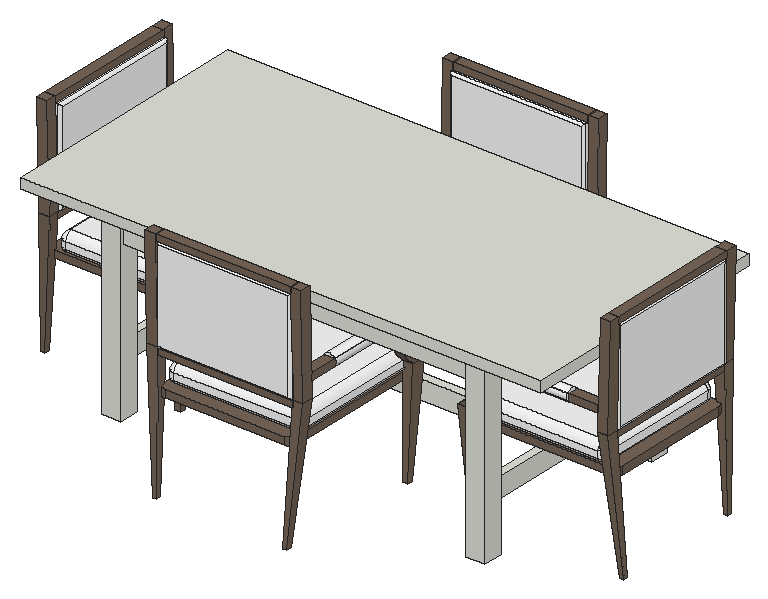
Revit family
Parameters (values of type "Table w 6 Seats")
  Description = "주방가구"
  Cost = 1200000
  Width = 1000 mm
  Vis - End Chairs = yes
  Table Top Thickness = 40 mm
  Table Height = 750 mm
  Material Table = 식탁대리석상판
  Material Chair Structure = Wood - Mahogany
  Material Chair Covering = Wood - Mahogany
  Length = 2000 mm
  Leg Width = 75 mm
  Leg Spacing Width = 800 mm
  Leg Spacing Length = 1400 mm
  Keynote = "N"
  Chair Side Spacing = Leg Spacing Length / 2  # 700 mm
  Centre Piece = Length / 4  # 500 mm
  Assembly Code = ""
Types (2, lengths in mm): name | Description | Cost | Vis - End Chairs | Material Table | Material Chair Structure | Material Chair Covering
  Table w 4 Seats | "" | 0 | no | Wood - Birch | Wood - Birch | Fabric - Beige
  Table w 6 Seats | "주방가구" | 1200000 | yes | 식탁대리석상판 | Wood - Mahogany | Wood - Mahogany
Reference planes
  plane 1 "Center (Front/Back)": y = 44.355
  plane 2: z = 0
  plane 3 "Center (Left/Right)": x = 118.179
  plane 4: z = 750
  plane 5: x = -881.821
  plane 6: x = 1118.179
  plane 7: y = 544.355
  plane 8: y = -455.645
  plane 9: x = -581.821
  plane 10: x = 818.179
  plane 11: y = 444.355
  plane 12: y = -355.645
  plane 13: z = 750
  plane 14: z = 250
  plane 15: x = -131.821
  plane 16: x = 368.179
  plane 17: x = -231.821
  plane 18: x = 468.179
Forms (mm)
  Extrusion 1, solid, material "식탁대리석상판" <- "Material Table"
    sketch origin (-625.421, 0, 750) x (-1, 0, 0) y (0, -1, 0)
      loop
        line (256.4, 455.645) -> (-1743.6, 455.645) -> (-1743.6, -544.355) -> (256.4, -544.355) -> (256.4, 455.645)
    from 0 to -40
  Extrusion 2, solid, material "식탁대리석상판" <- "Material Table"
    sketch origin (0, 0, 0) x (1, 0, 0) y (0, 1, 0)
      loop
        line (-619.321, -393.145) -> (-544.321, -393.145) -> (-544.321, -318.145) -> (-619.321, -318.145) -> (-619.321, -393.145)
      loop
        line (855.679, 481.855) -> (780.679, 481.855) -> (780.679, 406.855) -> (855.679, 406.855) -> (855.679, 481.855)
      loop
        line (855.679, -318.145) -> (780.679, -318.145) -> (780.679, -393.145) -> (855.679, -393.145) -> (855.679, -318.145)
      loop
        line (-619.321, 481.855) -> (-619.321, 406.855) -> (-544.321, 406.855) -> (-544.321, 481.855) -> (-619.321, 481.855)
    from 0 to 710
  Extrusion 3, solid, material "식탁대리석상판" <- "Material Table"
    sketch origin (0, 0, 0) x (1, 0, 0) y (0, 1, 0)
      loop
        line (-596.821, -318.145) -> (-566.821, -318.145) -> (-566.821, 29.355) -> (803.179, 29.355) -> (803.179, -318.145) -> (833.179, -318.145) -> (833.179, 406.855) -> (803.179, 406.855) -> (803.179, 59.355) -> (-566.821, 59.355) -> (-566.821, 406.855) -> (-596.821, 406.855) -> (-596.821, -318.145)
    from 250 to 175
  Extrusion 4, solid, material "식탁대리석상판" <- "Material Table"
    sketch origin (0, 0, 0) x (1, 0, 0) y (0, 1, 0)
      loop
        line (780.679, 474.355) -> (-544.321, 474.355) -> (-544.321, 454.355) -> (780.679, 454.355) -> (780.679, 474.355)
      loop
        line (-611.821, 406.855) -> (-611.821, -318.145) -> (-591.821, -318.145) -> (-591.821, 406.855) -> (-611.821, 406.855)
      loop
        line (-544.321, -385.645) -> (780.679, -385.645) -> (780.679, -365.645) -> (-544.321, -365.645) -> (-544.321, -385.645)
      loop
        line (848.179, -318.145) -> (848.179, 406.855) -> (828.179, 406.855) -> (828.179, -318.145) -> (848.179, -318.145)
    from 610 to 710
Dimensions and locks
  equal spacing: plane 7, plane 1 "Center (Front/Back)", plane 8
  "Width": plane 7 to plane 8
  equal spacing: plane 5, plane 3 "Center (Left/Right)", plane 6
  "Length": plane 5 to plane 6
  equal spacing: plane 11, plane 1 "Center (Front/Back)", plane 12
  "Leg Spacing Width": plane 11 to plane 12
  equal spacing: plane 9, plane 3 "Center (Left/Right)", plane 10
  "Leg Spacing Length": plane 9 to plane 10
  "Table Height": plane 13 to plane 2
  equal spacing: Extrusion 2 sketch curve, plane 9, Extrusion 2 sketch curve
  equal spacing: Extrusion 2 sketch curve, plane 12, Extrusion 2 sketch curve
  "Leg Width": Extrusion 2 sketch curve to Extrusion 2 sketch curve  (x4)
  equal spacing: Extrusion 2 sketch curve, plane 10, Extrusion 2 sketch curve
  equal spacing: Extrusion 2 sketch curve, plane 11, Extrusion 2 sketch curve
  equal spacing: Extrusion 3 sketch curve, plane 9, Extrusion 3 sketch curve
  Extrusion 3 sketch curve to Extrusion 3 sketch curve = 30 mm  (x3)
  equal spacing: Extrusion 3 sketch curve, plane 1 "Center (Front/Back)", Extrusion 3 sketch curve
  equal spacing: Extrusion 3 sketch curve, plane 10, Extrusion 3 sketch curve
  equal spacing: plane 15, plane 3 "Center (Left/Right)", plane 16
  "Centre Piece": plane 15 to plane 16
  equal spacing: plane 17, plane 3 "Center (Left/Right)", plane 18
  "Chair Side Spacing": plane 17 to plane 18
  aligned and locked: plane 13 to plane 4
  aligned and locked: Extrusion 2 sketch curve to Extrusion 2 sketch curve  (x8)
  aligned and locked: Extrusion 2 to Extrusion 1
  aligned and locked: Extrusion 3 sketch curve to Extrusion 3 sketch curve  (x2)
  aligned and locked: plane 14 to Extrusion 3
  aligned and locked: Extrusion 2 to Extrusion 4 sketch curve  (x8)
  aligned and locked: Extrusion 4 to Extrusion 1
  aligned: plane 3 "Center (Left/Right)" to nested 2
  aligned: plane 11 to nested 2
Automatic sketch dimensions
  Extrusion 1 sketch curve to plane 6 = 0 mm
  Extrusion 1 sketch curve to plane 5 = 0 mm
  Extrusion 1 sketch curve to plane 7 = 0 mm
  Extrusion 1 sketch curve to plane 8 = 0 mm
  plane 12 to Extrusion 3 sketch curve = 37.5 mm  (x2)
  Extrusion 3 sketch curve to plane 11 = 37.5 mm  (x2)
  Extrusion 4 sketch curve to Extrusion 4 sketch curve = 20 mm  (x4)
  plane 10 to Extrusion 4 sketch curve = 10 mm
  Extrusion 4 sketch curve to plane 12 = 10 mm
  Extrusion 4 sketch curve to plane 9 = 10 mm
  plane 11 to Extrusion 4 sketch curve = 10 mm
Nested families
  nested 1: "의자 2" at (-691.025, 52.651, 0) x (0, 1, 0) z (0, 0, 1), type "600x590x910mm"
  nested 2: "의자 2" at (118.179, 444.355, 0) x (-1, 0, 0) z (0, 0, 1), type "600x590x910mm"
  nested 3: "의자 2" at (78.179, -385.645, 0) x (-1, 0, 0) z (0, 0, 1), type "600x590x910mm"
  nested 4: "의자 2" at (927.383, 52.651, 0) x (0, 1, 0) z (0, 0, 1), type "600x590x910mm"
Definition of nested family "의자 2"
  Parameters (values of type "600x590x910mm")
    Manufacturer = ""
    Model = ""
    지지 재료 = 목재 - 티크, 폭, 약함
    다리 재료 = 목재 - 티크, 길이, 약함
    손잡이 재료 = 목재 - 티크, 길이, 약함
    프레임 재료 = 목재 - 티크, 폭, 약함
    쿠션 재료 = 직물(60)
  Reference planes
    plane 1 "중심(앞/뒤)": y = 0
    plane 2: z = 0
    plane 3 "중심(왼쪽/오른쪽)": x = 0
    plane 4: y = 295
    plane 5: x = -300
    plane 6: x = 300
    plane 7: y = -295
    plane 8: z = 900
    plane 9: z = 440
    plane 10: z = 370
    plane 11: z = 340
    plane 12: z = 875
    plane 13: z = 480
    plane 14: z = 505
    plane 15: x = -260
    plane 16: x = 260
    plane 17: y = 235
    plane 18: y = 285
    plane 19: y = 245
    plane 20: z = 570
    plane 21: z = 595
  Forms (mm)
    Extrusion 1, solid, material "직물(60)" <- "쿠션 재료"
      sketch origin (0, 0, 0) x (1, 0, 0) y (0, 1, 0)
        loop
          arc (-230, 245) -> (-251.213, 236.213) -> (-260, 215) r 30
          line (-260, 215) -> (-260, -265)
          arc (-260, -265) -> (-251.213, -286.213) -> (-230, -295) r 30
          line (-230, -295) -> (230, -295)
          arc (230, -295) -> (251.213, -286.213) -> (260, -265) r 30
          line (260, -265) -> (260, 215)
          arc (260, 215) -> (251.213, 236.213) -> (230, 245) r 30
          line (230, 245) -> (-230, 245)
      from 370 to 440
    Extrusion 2, solid, material "목재 - 티크, 길이, 약함" <- "다리 재료"
      sketch origin (0, 0, 0) x (0, 1, 0) y (0, 0, -1)
        loop
          line (295, -900) -> (285, -505) -> (245, -505) -> (255, -900) -> (295, -900)
      from 260 to 300
    Blend 3, solid, material "목재 - 티크, 길이, 약함" <- "다리 재료"
      base sketch origin (0, 0, 0) x (1, 0, 0) y (0, 1, 0)
        loop
          line (-258.544, 311.592) -> (-258.544, 295) -> (-242.941, 295) -> (-242.941, 311.592) -> (-258.544, 311.592)
      top sketch origin (0, 0, 0) x (1, 0, 0) y (0, 1, 0)
        loop
          line (-300, 285) -> (-300, 245) -> (-260, 245) -> (-260, 285) -> (-300, 285)
      from 0 to 505
    Extrusion 4, solid, material "목재 - 티크, 폭, 약함" <- "프레임 재료"
      sketch origin (0, 0, 0) x (1, 0, 0) y (0, 0, 1)
        loop
          line (-260, 505) -> (-260, 480) -> (260, 480) -> (260, 505) -> (-260, 505)
      from -285 to -245
    Extrusion 5, solid, material "목재 - 티크, 폭, 약함" <- "프레임 재료"
      sketch origin (0, 0, 395) x (1, 0, 0) y (0, 0, 1)
        loop
          line (-260, 505) -> (-260, 480) -> (260, 480) -> (260, 505) -> (-260, 505)
      from -295 to -254.401
    Extrusion 6, solid, material "목재 - 티크, 길이, 약함" <- "손잡이 재료"
      sketch origin (0, 0, 0) x (0, 1, 0) y (0, 0, 1)
        loop
          line (245, 595) -> (-295, 595) -> (-295, 570) -> (245, 570) -> (245, 595)
      from 260 to 300
    Extrusion 7, solid, material "목재 - 티크, 길이, 약함" <- "손잡이 재료"
      sketch origin (0, 0, 0) x (0, 1, 0) y (0, 0, -1)
        loop
          line (245, -595) -> (245, -570) -> (-295, -570) -> (-295, -595) -> (245, -595)
      from 260 to 300
    Extrusion 8, solid, material "직물(60)" <- "쿠션 재료"
      sketch origin (0, 0, 0) x (1, 0, 0) y (0, 0, 1)
        loop
          line (-300, 595) -> (-300, 570) -> (-260, 570) -> (-260, 595) -> (-300, 595)
        loop
          arc (-300.981, 595.875) -> (-305.077, 582.528) -> (-300.981, 569.182) r 23.793
          arc (-300.981, 569.182) -> (-279.939, 560.243) -> (-258.897, 569.182) r 29.236
          arc (-258.897, 569.182) -> (-254.82, 582.528) -> (-258.897, 595.875) r 23.887
          arc (-258.897, 595.875) -> (-279.939, 605.711) -> (-300.981, 595.875) r 27.425
      from -129.909 to 165.708
    Extrusion 9, solid, material "직물(60)" <- "쿠션 재료"
      sketch origin (0, 0, 0) x (-1, 0, 0) y (0, 0, -1)
        loop
          line (-300, -595) -> (-260, -595) -> (-260, -570) -> (-300, -570) -> (-300, -595)
        loop
          arc (-300.981, -595.875) -> (-279.939, -605.711) -> (-258.897, -595.875) r 27.425
          arc (-258.897, -595.875) -> (-254.82, -582.528) -> (-258.897, -569.182) r 23.887
          arc (-258.897, -569.182) -> (-279.939, -560.243) -> (-300.981, -569.182) r 29.236
          arc (-300.981, -569.182) -> (-305.077, -582.528) -> (-300.981, -595.875) r 23.793
      from -129.909 to 165.708
    Extrusion 10, solid, material "직물(60)" <- "쿠션 재료"
      sketch origin (0, 0, 0) x (1, 0, 0) y (0, 0, 1)
        loop
          line (-260, 875) -> (-260, 505) -> (260, 505) -> (260, 875) -> (-260, 875)
      from -295 to -235
    Sweep 11, void
      path origin (0, 0, 0) x (1, 0, 0) y (0, 0, 1)
        loop
          line (260, 875) -> (-260, 875) -> (-260, 505) -> (260, 505) -> (260, 875)
      profile origin (0, 0, 0) x (0, 0, -1) y (0, -1, 0)
        loop
          line (-875, -235) -> (-875, -244.697)
          arc (-875, -244.697) -> (-871.042, -238.958) -> (-865.303, -235) r 19.304
          line (-865.303, -235) -> (-875, -235)
        loop
          line (-875, -295) -> (-865.303, -295)
          arc (-865.303, -295) -> (-871.042, -291.042) -> (-875, -285.303) r 19.304
          line (-875, -285.303) -> (-875, -295)
    Blend 12, solid, material "목재 - 티크, 길이, 약함" <- "다리 재료"
      base sketch origin (0, 0, 0) x (-1, 0, 0) y (0, -1, 0)
        loop
          line (-258.544, -311.592) -> (-242.941, -311.592) -> (-242.941, -295) -> (-258.544, -295) -> (-258.544, -311.592)
      top sketch origin (0, 0, 0) x (-1, 0, 0) y (0, -1, 0)
        loop
          line (-300, -285) -> (-260, -285) -> (-260, -245) -> (-300, -245) -> (-300, -285)
      from 0 to 505
    Sweep 13, void
      path origin (0, 0, 0) x (1, 0, 0) y (0, 1, 0)
        loop
          line (-230, -295) -> (230, -295)
          arc (230, -295) -> (251.213, -286.213) -> (260, -265) r 30
          line (260, -265) -> (260, 215)
          arc (260, 215) -> (251.213, 236.213) -> (230, 245) r 30
          line (230, 245) -> (-230, 245)
          arc (-230, 245) -> (-251.213, 236.213) -> (-260, 215) r 30
          line (-260, 215) -> (-260, -265)
          arc (-260, -265) -> (-251.213, -286.213) -> (-230, -295) r 30
      profile origin (0, 0, 0) x (0, 1, 0) y (0, 0, 1)
        loop
          arc (-295.343, 410.343) -> (-283.542, 428.542) -> (-265.343, 440.343) r 51.992
          line (-265.343, 440.343) -> (-295.343, 440.343) -> (-295.343, 410.343)
    Sweep 14, void
      path origin (0, 0, 0) x (1, 0, 0) y (0, 1, 0)
        loop
          line (-230, -295) -> (230, -295)
          arc (230, -295) -> (251.213, -286.213) -> (260, -265) r 30
          line (260, -265) -> (260, 215)
          arc (260, 215) -> (251.213, 236.213) -> (230, 245) r 30
          line (230, 245) -> (-230, 245)
          arc (-230, 245) -> (-251.213, 236.213) -> (-260, 215) r 30
          line (-260, 215) -> (-260, -265)
          arc (-260, -265) -> (-251.213, -286.213) -> (-230, -295) r 30
      profile origin (0, 0, 0) x (0, 1, 0) y (0, 0, 1)
        loop
          line (-295, 381.292) -> (-295, 370) -> (-283.708, 370)
          arc (-283.708, 370) -> (-290.292, 374.708) -> (-295, 381.292) r 24.693
    Extrusion 15, solid, material "목재 - 티크, 폭, 약함" <- "지지 재료"
      sketch origin (0, 0, 740) x (0, -1, 0) y (1, 0, 0)
        loop
          arc (-285, -230) -> (-276.213, -251.213) -> (-255, -260) r 30
          line (-255, -260) -> (265, -260)
          arc (265, -260) -> (286.213, -251.213) -> (295, -230) r 30
          line (295, -230) -> (295, 230)
          arc (295, 230) -> (286.213, 251.213) -> (265, 260) r 30
          line (265, 260) -> (-255, 260)
          arc (-255, 260) -> (-276.213, 251.213) -> (-285, 230) r 30
          line (-285, 230) -> (-285, -230)
      from -400 to -370
    Extrusion 16, solid, material "목재 - 티크, 길이, 약함" <- "다리 재료"
      sketch origin (0, 0, 0) x (0, 1, 0) y (0, 0, -1)
        loop
          arc (-165.708, -569.182) -> (-189.453, -482.992) -> (-242.753, -411.217) r 243.054
          line (-242.753, -411.217) -> (-295, -411.217)
          arc (-295, -411.217) -> (-221.41, -477.706) -> (-183.089, -569.182) r 227.571
          line (-183.089, -569.182) -> (-165.708, -569.182)
      from 260 to 300
    Extrusion 17, solid, material "목재 - 티크, 길이, 약함" <- "다리 재료"
      sketch origin (0, 0, 0) x (0, 1, 0) y (0, 0, 1)
        loop
          line (-165.708, 569.182) -> (-183.089, 569.182)
          arc (-183.089, 569.182) -> (-221.41, 477.706) -> (-295, 411.217) r 227.571
          line (-295, 411.217) -> (-242.753, 411.217)
          arc (-242.753, 411.217) -> (-189.453, 482.992) -> (-165.708, 569.182) r 243.054
      from 260 to 300
    Blend 18, solid, material "목재 - 티크, 길이, 약함" <- "다리 재료"
      base sketch origin (0, 0, 0) x (1, 0, 0) y (0, 1, 0)
        loop
          line (-290.286, -230.318) -> (-290.286, -250.318) -> (-270.286, -250.318) -> (-270.286, -230.318) -> (-290.286, -230.318)
      top sketch origin (0, 0, 0) x (1, 0, 0) y (0, 1, 0)
        loop
          line (-300, -242.753) -> (-300, -295) -> (-260, -295) -> (-260, -242.753) -> (-300, -242.753)
      from 0 to 411.217
    Blend 19, solid, material "목재 - 티크, 길이, 약함" <- "다리 재료"
      base sketch origin (0, 0, 0) x (-1, 0, 0) y (0, -1, 0)
        loop
          line (-290.286, 230.318) -> (-270.286, 230.318) -> (-270.286, 250.318) -> (-290.286, 250.318) -> (-290.286, 230.318)
      top sketch origin (0, 0, 0) x (-1, 0, 0) y (0, -1, 0)
        loop
          line (-300, 242.753) -> (-260, 242.753) -> (-260, 295) -> (-300, 295) -> (-300, 242.753)
      from 0 to 411.217
    Extrusion 20, solid, material "목재 - 티크, 길이, 약함" <- "다리 재료"
      sketch origin (0, 0, 0) x (0, 1, 0) y (0, 0, 1)
        loop
          line (295, 900) -> (255, 900) -> (245, 505) -> (285, 505) -> (295, 900)
      from 260 to 300
  Cuts and joins
    Sweep 11, Sweep 13, Sweep 14 cuts Extrusion 1
    Sweep 11, Sweep 13, Sweep 14 cuts Extrusion 2
    Sweep 11, Sweep 13, Sweep 14 cuts Blend 3
    Sweep 11, Sweep 13, Sweep 14 cuts Extrusion 4
    Sweep 11, Sweep 13, Sweep 14 cuts Extrusion 5
    Sweep 11, Sweep 13, Sweep 14 cuts Extrusion 6
    Sweep 11, Sweep 13, Sweep 14 cuts Extrusion 7
    Sweep 11, Sweep 13, Sweep 14 cuts Extrusion 8
    Sweep 11, Sweep 13, Sweep 14 cuts Extrusion 9
    Sweep 11, Sweep 13, Sweep 14 cuts Extrusion 10
    Sweep 13, Sweep 14 cuts Blend 12
  Dimensions and locks
    aligned and locked: Sweep 11 sketch curve to cut or joined group of Extrusion 10, Sweep 11, Sweep 13, Sweep 14  (x4)
